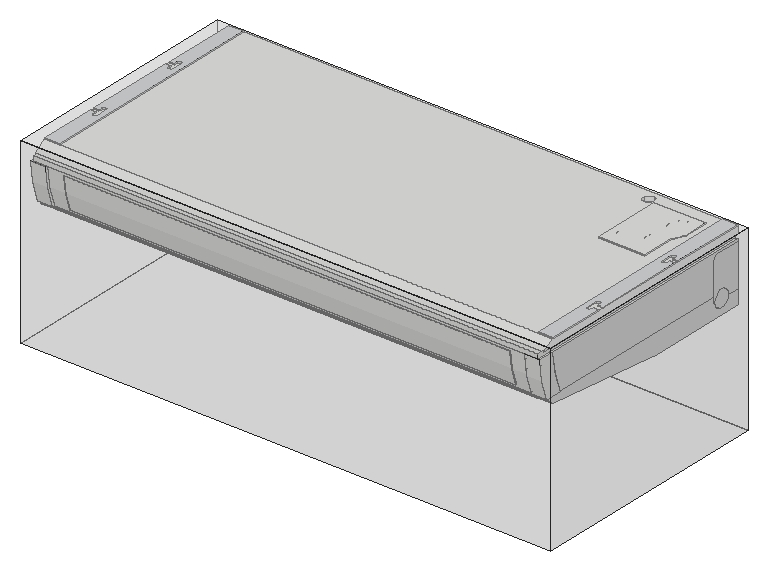
Revit family "outputfile", category 機械設備, Revit 2024
Family settings
  丸型コネクタ寸法 = 半径を使用
  パーツ タイプ = 標準
  OmniClass 番号 = 23.75.10.24.21.27.27
  OmniClass タイトル = Split System Air Conditioning Units
  作業面ベース = いいえ
  常に垂直 = はい
  ロード時にボイドで切り取り = いいえ
  注釈の向きを維持 = いいえ
  共有 = いいえ
  部屋計算ポイント = はい
Parameters (values of type "FXHQ80MAVE")
  製造元 = "Daikin"
  書き出し IFC クラス(タイプ) = "IfcUnitaryEquipmentType"
  定義済み IFC タイプ(タイプ) = "AIRCONDITIONINGUNIT"
  モデル = "FXHQ80MAVE"
  r_Liquid Pipe Size = Liquid Pipe Size / 2  # 3.2 mm
  r_Gas Pipe Size = Gas Pipe Size / 2  # 6.35 mm
  r_Drain Pipe Size = Drain Pipe Size / 2  # 13.0 mm
  lw_Air suction grille = if(Width = 960.0 mm, (960.0 mm - 40.7 mm * 2) / 2 - 2.0 mm, if(Width = 1160.0 mm, (1160.0 mm - 40.7 mm * 2) / 2 - 2.0 mm, if(Width = 1400.0 mm, (1400.0 mm - 40.7 mm * 2) / 3, (960.0 mm - 40.7 mm * 2) / 2 - 2.0 mm)))  # 439.533 mm
  l_powersupply [instance] = if(Rear Right Connection_powersupply, 30.0 mm, 145.0 mm)  # 30.0 mm
  h_mountinghole = 2.0 mm  # constant formula
  angle_vertical_powersupply [instance] = if(Rear Right Connection_powersupply, 90.00°, 180.00°)  # 90.00°
  angle_vertical_drainpipe [instance] = if(or(Left Connection_drainpipe, Right Connection_drainpipe), 90.00°, if(Top Connection_drainpipe, 180.00°, -90.00°))  # -90.00°
  angle_horizontal_powersupply [instance] = if(Rear Right Connection_powersupply, 180.00°, 0.00°)  # 180.00°
  angle_horizontal_drainpipe [instance] = if(Right Connection_drainpipe, 90.00°, if(Left Connection_drainpipe, -90.00°, 0.00°))  # 0.00°
  Voltage_comment_60Hz = "220"
  Voltage_comment_50Hz = "220-240"
  Voltage_60Hz = 220 V
  Voltage_50Hz = 220 V
  Top Connection_refrigerant [instance] = no
  Top Connection_powersupply [instance] = not(Rear Right Connection_powersupply)  # no
  Sound Power Level_H speed (dB) = 0
  Right Connection_refrigerant [instance] = no
  Rear Right Connection_refrigerant [instance] = yes
  Phase_60Hz = 1
  Phase_50Hz = 1
  Minimum Circuit Amps_60Hz = 1.3 A
  Minimum Circuit Amps_50Hz = 0.9 A
  Maximum Fuse Amps_60Hz = 16.0 A
  Maximum Fuse Amps_50Hz = 16.0 A
  Material_Casing = DAIKIN_White_Casing_indoorunit
  lw_powersupply [instance] = 220.0 mm  # constant formula
  lw_mountinghole = 20.0 mm  # constant formula
  lw_liquidpipe [instance] = if(not(Top Connection_refrigerant), 120.0 mm, 170.0 mm)  # 120.0 mm
  lw_gaspipe = 105.0 mm  # constant formula
  lw_drainpipe [instance] = if(Top Connection_drainpipe, 90.0 mm, if(or(Rear Left Connection_drainpipe, Left Connection_drainpipe), Width - 80.0 mm, 100.0 mm))  # 100.0 mm
  lh_powersupply = 145.0 mm  # constant formula
  lh_liquidpipe [instance] = if(Rear Right Connection_refrigerant, 110.0 mm, 90.0 mm)  # 110.0 mm
  lh_gaspipe [instance] = if(Rear Right Connection_refrigerant, 100.0 mm, 90.0 mm)  # 100.0 mm
  lh_drainpipe = 155.0 mm  # constant formula
  l_antena = 1.0 mm  # constant formula
  ld_powersupply = 30.0 mm  # constant formula
  ld_mountinghole_pitch = 260.0 mm  # constant formula
  ld_mountinghole = 210.0 mm  # constant formula
  ld_liquidpipe [instance] = if(Right Connection_refrigerant, 55.0 mm, if(Top Connection_refrigerant, 185.0 mm, 225.0 mm))  # 225.0 mm
  ld_gaspipe [instance] = if(Right Connection_refrigerant, 65.0 mm, if(Top Connection_refrigerant, 160.0 mm, 225.0 mm))  # 225.0 mm
  ld_drainpipe [instance] = if(or(Left Connection_drainpipe, Right Connection_drainpipe), 55.0 mm, if(Top Connection_drainpipe, 85.0 mm, 275.0 mm))  # 275.0 mm
  l_liquidpipe_length [instance] = if(Right Connection_refrigerant, 120.0 mm, if(Top Connection_refrigerant, 90.0 mm, 225.0 mm))  # 225.0 mm
  l_gaspipe_length [instance] = if(Right Connection_refrigerant, 105.0 mm, if(Top Connection_refrigerant, 90.0 mm, 225.0 mm))  # 225.0 mm
  l_drainpipe_length [instance] = if(Right Connection_drainpipe, 100.0 mm, if(Top Connection_drainpipe, 155.0 mm, if(Left Connection_drainpipe, 80.0 mm, 275.0 mm)))  # 275.0 mm
  h*** = 0.0 mm  # constant formula
  angle_vertical [instance] = if(Right Connection_refrigerant, 90.00°, if(Top Connection_refrigerant, 180.00°, -90.00°))  # -90.00°
  angle_horizontal [instance] = if(Right Connection_refrigerant, 90.00°, 0.00°)  # 0.00°
  Width = 1400.0 mm
  Version = "ver.1.0"
  Unit Type = "Ceiling Suspended"
  Unit Mass Weight = 33.00 kg
  Unit Designation [instance] = ""
  Uniclass2015Version = "Products v1.30"
  Uniclass2015Title = "Variable refrigerant flow units"
  Uniclass2015Code = "Pr_70_65_03_94"
  Total Heating Capacity [instance] = 0.000 kW
  Total Cooling Capacity [instance] = 0.000 kW
  Top Connection_drainpipe [instance] = no
  Sound Pressure Level_L speed (dBA) = 35
  Sound Pressure Level_H speed (dBA) = 43
  Series = "VRV Fan Coil Unit"
  Sensible Cooling Capacity [instance] = 0.000 kW
  Rear Right Connection_drainpipe [instance] = yes
  Rear Right Connection_powersupply [instance] = yes
  Right Connection_drainpipe [instance] = no
  Refrigerant Type = "R410A"
  Power Input (Heating) = 0.126 kW
  Power Input (Cooling) = 0.126 kW
  Option Accessory 3 [instance] = ""
  Option Accessory 2 [instance] = ""
  Option Accessory 1 [instance] = ""
  Nominal Heating Capacity = 10.000 kW
  Nominal Cooling Capacity = 9.000 kW
  Minimum Airflow = 1020.00 m³/h
  Maximum Airflow = 1410.00 m³/h
  Load Classification = HVAC
  Liquid Pipe Size = 6.4 mm
  Link_Nested Family [instance] = ""
  Rear Left Connection_drainpipe [instance] = no
  Left Connection_drainpipe [instance] = no
  IfcVersion = ""
  IfcExportType = "AIRCONDITIONINGUNIT"
  IfcExportAs = "IfcUnitaryEquipmentType"
  Height = 195.0 mm
  Heating Entering Wet Bulb Temperature [instance] = 0.00 °C
  Heating Entering Dry Bulb Temperature [instance] = 0.00 °C
  Heating Ambient Wet Bulb Temperature [instance] = 0.00 °C
  Heating Ambient Dry Bulb Temperature [instance] = 0.00 °C
  Heat Exchanger Type = "Cross Fin Coil"
  Gas Pipe Size = 12.7 mm
  Frequency_60Hz = 60 Hz
  Frequency_50Hz = 50 Hz
  Fan Type = "Sirocco Fan"
  Fan Drive = "Direct Drive"
  FCU Tag No. [instance] = ""
  Drain Pipe Size = 26.0 mm
  Design Supply Airflow [instance] = 0.00 m³/h
  Design Outdoor Airflow [instance] = 0.00 m³/h
  Depth = 680.0 mm
  既定の高さ = 0.0 mm
  Cooling Entering Wet Bulb Temperature [instance] = 0.00 °C
  Cooling Entering Dry Bulb Temperature [instance] = 0.00 °C
  Cooling Ambient Wet Bulb Temperature [instance] = 0.00 °C
  Cooling Ambient Dry Bulb Temperature [instance] = 0.00 °C
  Clearance visibility [instance] = yes
  Clearance Top = 5.0 mm
  Clearance Right = 30.0 mm
  Clearance Rear = 0.0 mm
  Clearance Left = 30.0 mm
  Clearance Front = 0.0 mm
  Clearance Bottom = 300.0 mm
Reference planes
  plane 1 "Back": y = 0
  plane 2: z = 0
  plane 3 "Center (Left/Right)": x = 0
  plane 4 "Center (Front/Back)": y = -340
  plane 5 "Front": y = -680
  plane 6 "Left": x = -700
  plane 7 "Right": x = 700
  plane 8 "Top": z = 0
  plane 9 "Bottom": z = -195
  plane 10: y = -680
  plane 11: x = -730
  plane 12: x = 730
  plane 13: z = 5
  plane 14: z = -495
  plane 15: y = 0
  plane 16 "lw_mountinghole": x = -680
  plane 17 "lw_mountinghole2": x = 680
  plane 18 "ld_mountinghole": y = -210
  plane 19 "ld_mountinghole2": y = -470
  plane 20 "lw_gaspipe": x = 595
  plane 21 "ld_gaspipe": y = -225
  plane 22 "lw_liquidpipe": x = 580
  plane 23 "ld_liquidpipe": y = -225
  plane 24 "ld_drainpipe": y = -275
  plane 25 "lw_drainpipe": x = 600
  plane 26 "lw_powersupply": x = 480
  plane 27 "ld_powersupply": y = -30
  plane 28: x = -219.767
  plane 29: x = 219.767
  plane 30 "40.7": x = 659.3
  plane 31: x = -659.3
  plane 32 "lh_gaspipe": z = -100
  plane 33 "lh_liquidpipe": z = -110
  plane 34 "lh_drainpipe": z = -155
  plane 35 "lh_powersupply": z = -145
Forms (mm)
  Extrusion 1, solid, material "DAIKIN_White_Casing_indoorunit" <- "Material_Casing"
    sketch origin (0, 0, 0) x (0, 1, 0) y (0, 0, 1)
      loop
        line (0, 0) -> (-633.9, 0) -> (-664.9, -20) -> (0, -20) -> (0, 0)
    from -700 to 700
  Extrusion 2, solid, material "DAIKIN_White_Casing_indoorunit" <- "Material_Casing"
    sketch origin (0, 0, 0) x (0, 1, 0) y (0, 0, 1)
      loop
        line (0, -20) -> (-678.4, -20) -> (-678.4, -33) -> (0, -33) -> (0, -20)
    from -694 to 694
  Extrusion 3, solid, material "DAIKIN_White_Casing_indoorunit" <- "Material_Casing"
    sketch origin (0, 0, 0) x (0, 1, 0) y (0, 0, 1)
      loop
        line (0, -33) -> (-638.389, -33)
        arc (-638.389, -33) -> (-629.305, -88.783) -> (-610.271, -142) r 310.829
        line (-610.271, -142) -> (0, -142) -> (0, -33)
    from -700 to 700
  Extrusion 4, solid, material "DAIKIN_White_Casing_indoorunit" <- "Material_Casing"
    sketch origin (-700, 0, 0) x (0, 1, 0) y (0, 0, 1)
      loop
        line (0, -142) -> (-651.893, -142) -> (-647.876, -149.065)
        arc (-647.876, -149.065) -> (-641.446, -155.91) -> (-632.601, -159.063) r 19.989
        line (-632.601, -159.063) -> (-300.211, -194.208)
        arc (-300.211, -194.208) -> (-292.706, -194.802) -> (-285.179, -195) r 142.962
        line (-285.179, -195) -> (0, -195) -> (0, -142)
    from 0 to 40.7
  Extrusion 5, solid, material "DAIKIN_White_Casing_indoorunit" <- "Material_Casing"
    sketch origin (700, 0, 0) x (0, 1, 0) y (0, 0, 1)
      loop
        line (-638.389, -33) -> (-680.077, -33)
        arc (-680.077, -33) -> (-672.921, -88.644) -> (-655.583, -142) r 301.599
        line (-655.583, -142) -> (-610.271, -142)
        arc (-610.271, -142) -> (-629.305, -88.783) -> (-638.389, -33) r 310.829
    from 0 to -40.7
  Extrusion 6, solid, material "DAIKIN_White_Casing_indoorunit" <- "Material_Casing"
    sketch origin (-700, 0, 0) x (0, 1, 0) y (0, 0, 1)
      loop
        line (-655.583, -142) -> (-610.271, -142)
        arc (-610.271, -142) -> (-629.305, -88.783) -> (-638.389, -33) r 310.829
        line (-638.389, -33) -> (-680.077, -33)
        arc (-680.077, -33) -> (-672.921, -88.644) -> (-655.583, -142) r 301.599
    from 0 to 40.7
  Extrusion 7, solid, material "DAIKIN_White_Grille_indoorunit"
    sketch origin (0, 0, 0) x (0, 1, 0) y (0, 0, 1)
      loop
        line (0, -190) -> (-273.138, -190) -> (-273.138, -195) -> (0, -195) -> (0, -190)
    from -219.767 to 219.767
  Extrusion 8, solid, material "DAIKIN_White_Grille_indoorunit"
    sketch origin (0, 0, 0) x (0, 1, 0) y (0, 0, 1)
      loop
        line (0, -190) -> (-273.138, -190) -> (-273.138, -195) -> (0, -195) -> (0, -190)
    from -659.3 to -219.767
  Extrusion 9, solid, material "DAIKIN_White_Grille_indoorunit"
    sketch origin (0, 0, 0) x (0, 1, 0) y (0, 0, 1)
      loop
        line (0, -190) -> (-273.138, -190) -> (-273.138, -195) -> (0, -195) -> (0, -190)
    from 219.767 to 659.3
  Extrusion 10, solid
    sketch origin (0, 0, 0) x (-1, 0, 0) y (0, -1, 0)
      loop
        line (674, 196) -> (674, 224)
        arc (674, 224) -> (680, 230) -> (686, 224) r 6
        line (686, 224) -> (686, 216) -> (700, 216) -> (700, 464) -> (686, 464) -> (686, 456)
        arc (686, 456) -> (680, 450) -> (674, 456) r 6
        line (674, 456) -> (674, 484.69)
        arc (674, 484.69) -> (680, 490.04) -> (686, 484.69) r 6.04
        line (686, 484.69) -> (686, 476) -> (700, 476) -> (700, 633.9) -> (659.3, 633.9) -> (659.3, 0) -> (700, 0) -> (700, 204) -> (686, 204) -> (686, 196)
        arc (686, 196) -> (680, 190) -> (674, 196) r 6
      loop
        arc (-674, 196) -> (-680, 190) -> (-686, 196) r 6
        line (-686, 196) -> (-686, 204) -> (-700, 204) -> (-700, 0) -> (-659.3, 0) -> (-659.3, 633.9) -> (-700, 633.9) -> (-700, 476) -> (-686, 476) -> (-686, 484.69)
        arc (-686, 484.69) -> (-680, 490.04) -> (-674, 484.69) r 6.04
        line (-674, 484.69) -> (-674, 456)
        arc (-674, 456) -> (-680, 450) -> (-686, 456) r 6
        line (-686, 456) -> (-686, 464) -> (-700, 464) -> (-700, 216) -> (-686, 216) -> (-686, 224)
        arc (-686, 224) -> (-680, 230) -> (-674, 224) r 6
        line (-674, 224) -> (-674, 196)
    from 0 to 2
  Extrusion 11, solid, material "DAIKIN_White_Casing_indoorunit" <- "Material_Casing"
    sketch origin (0, 0, 0) x (0, 1, 0) y (0, 0, 1)
      loop
        line (-651.659, -142) -> (-610.271, -142)
        arc (-610.271, -142) -> (-629.305, -88.783) -> (-638.389, -33) r 310.829
        line (-638.389, -33) -> (-676.476, -33)
        arc (-676.476, -33) -> (-669.224, -88.674) -> (-651.659, -142) r 298
    from -659.3 to 659.3
  Extrusion 12, void
    sketch origin (0, 0, 0) x (0, 1, 0) y (0, 0, 1)
      loop
        arc (-676.086, -41) -> (-669.058, -89.401) -> (-654.207, -136) r 298
        line (-654.207, -136) -> (-645.465, -136)
        arc (-645.465, -136) -> (-660.075, -89.305) -> (-667.848, -41) r 340.829
        line (-667.848, -41) -> (-676.086, -41)
    from -614.3 to 614.3
  Extrusion 13, solid, material "DAIKIN_White_Casing_indoorunit" <- "Material_Casing"
    sketch origin (0, 0, 0) x (0, 1, 0) y (0, 0, 1)
      loop
        line (-667.848, -41) -> (-676.086, -41)
        arc (-676.086, -41) -> (-669.058, -89.401) -> (-654.207, -136) r 298
        line (-654.207, -136) -> (-645.465, -136)
        arc (-645.465, -136) -> (-660.075, -89.305) -> (-667.848, -41) r 340.829
    from -614.3 to 614.3
  Extrusion 14, solid, material "DAIKIN_White_Casing_indoorunit" <- "Material_Casing"
    sketch origin (0, 0, 0) x (1, 0, 0) y (0, 0, 1)
      loop
        line (495, -60) -> (495, -125) -> (575, -175) -> (640, -175) -> (640, -60) -> (495, -60)
    from 0 to 1
  Extrusion 15, void
    sketch origin (0, 0, 0) x (1, 0, 0) y (0, 0, 1)
      loop
        circle (595, -130) r 40
    from 0 to 10
  Extrusion 16, void
    sketch origin (0, 0, 0) x (1, 0, 0) y (0, 0, 1)
      loop
        arc (-630, -135) -> (-650, -155) -> (-630, -175) r 20
        line (-630, -175) -> (-610, -175)
        arc (-610, -175) -> (-590, -155) -> (-610, -135) r 20
        line (-610, -135) -> (-630, -135)
    from 0 to 10
  Extrusion 17, solid, material "DAIKIN_White_Casing_indoorunit" <- "Material_Casing"
    sketch origin (0, 0, 0) x (-1, 0, 0) y (0, -1, 0)
      loop
        line (-500, 36) -> (-500, 228) -> (-627, 228) -> (-627, 138) -> (-642, 106) -> (-642, 36) -> (-500, 36)
    from 0 to 1.9
  Extrusion 18, solid, material "DAIKIN_White_Casing_indoorunit" <- "Material_Casing"
    sketch origin (700, 0, 0) x (0, 1, 0) y (0, 0, 1)
      loop
        arc (-75, -40) -> (-78.536, -41.464) -> (-80, -45) r 5
        line (-80, -45) -> (-80, -155) -> (0, -155) -> (0, -40) -> (-75, -40)
    from 0 to -2
  Extrusion 19, solid, material "DAIKIN_White_Casing_indoorunit" <- "Material_Casing"
    sketch origin (700, 0, 0) x (0, 1, 0) y (0, 0, 1)
      loop
        circle (-55, -155) r 22.5
    from 0 to -2
  Extrusion 20, void
    sketch origin (0, 0, 0) x (1, 0, 0) y (0, 0, 1)
      loop
        line (640, -60) -> (495, -60) -> (495, -125) -> (575, -175) -> (640, -175) -> (640, -60)
    from 0 to 1
  Extrusion 21, solid, material "DAIKIN_White_Casing_indoorunit" <- "Material_Casing"
    sketch origin (-700, 0, 0) x (0, 1, 0) y (0, 0, 1)
      loop
        circle (-55, -155) r 22.5
    from 0 to 2
  Extrusion 22, void
    sketch origin (0, 0, 0) x (-1, 0, 0) y (0, -1, 0)
      loop
        circle (-610, 85) r 30
      loop
        circle (-595, 160) r 18
      loop
        circle (-530, 185) r 13
    from 0 to -10
  Extrusion 23, solid, material "DAIKIN_White_Casing_indoorunit" <- "Material_Casing"
    sketch origin (0, 0, 0) x (0, 1, 0) y (0, 0, 1)
      loop
        line (-632.601, -159.063) -> (-300.211, -194.208)
        arc (-300.211, -194.208) -> (-292.706, -194.802) -> (-285.179, -195) r 142.962
        line (-285.179, -195) -> (-273.138, -195) -> (-273.138, -190) -> (0, -190) -> (0, -142) -> (-651.893, -142) -> (-647.876, -149.065)
        arc (-647.876, -149.065) -> (-641.446, -155.91) -> (-632.601, -159.063) r 19.989
    from -659.3 to 659.3
  Extrusion 24, solid, material "DAIKIN_White_Casing_indoorunit" <- "Material_Casing"
    sketch origin (700, 0, 0) x (0, 1, 0) y (0, 0, 1)
      loop
        line (-632.601, -159.063) -> (-300.211, -194.208)
        arc (-300.211, -194.208) -> (-292.706, -194.802) -> (-285.179, -195) r 142.962
        line (-285.179, -195) -> (0, -195) -> (0, -142) -> (-651.893, -142) -> (-647.876, -149.065)
        arc (-647.876, -149.065) -> (-641.446, -155.91) -> (-632.601, -159.063) r 19.989
    from 0 to -40.7
  Extrusion 25, void
    sketch origin (0, 0, 0) x (-1, 0, 0) y (0, -1, 0)
      loop
        circle (-480, 30) r 14.5
    from 0 to -10
  Extrusion 26, void
    sketch origin (0, 0, 0) x (1, 0, 0) y (0, 0, 1)
      loop
        circle (480, -145) r 14.5
    from 0 to 10
Cuts and joins
  Extrusion 12 cuts Extrusion 11
  Extrusion 15, Extrusion 16, Extrusion 20, Extrusion 26 cuts Extrusion 3
  Extrusion 22, Extrusion 25 cuts Extrusion 1
  Extrusion 15, Extrusion 16, Extrusion 20, Extrusion 26 cuts Extrusion 23
Dimensions and locks
  equal spacing: plane 6 "Left", plane 3 "Center (Left/Right)", plane 7 "Right"
  "Width": plane 6 "Left" to plane 7 "Right"
  "Depth": plane 5 "Front" to plane 1 "Back"
  "Height": plane 8 "Top" to plane 9 "Bottom"
  "Clearance Front": plane 10 to plane 5 "Front"
  "Clearance Left": plane 11 to plane 6 "Left"
  "Clearance Right": plane 7 "Right" to plane 12
  "Clearance Top": plane 13 to plane 8 "Top"
  "Clearance Bottom": plane 9 "Bottom" to plane 14
  "Clearance Rear": plane 1 "Back" to plane 15
  "ld_mountinghole": plane 18 "ld_mountinghole" to plane 1 "Back"
  "ld_mountinghole_pitch": plane 18 "ld_mountinghole" to plane 19 "ld_mountinghole2"
  "lw_mountinghole": plane 6 "Left" to plane 16 "lw_mountinghole"
  "lw_gaspipe": plane 20 "lw_gaspipe" to plane 7 "Right"
  "ld_gaspipe": plane 1 "Back" to plane 21 "ld_gaspipe"
  "lw_liquidpipe": plane 22 "lw_liquidpipe" to plane 7 "Right"
  "ld_liquidpipe": plane 1 "Back" to plane 23 "ld_liquidpipe"
  "lw_drainpipe": plane 25 "lw_drainpipe" to plane 7 "Right"
  "ld_drainpipe": plane 24 "ld_drainpipe" to plane 1 "Back"
  "lw_powersupply": plane 26 "lw_powersupply" to plane 7 "Right"
  "ld_powersupply": plane 1 "Back" to plane 27 "ld_powersupply"
  "lw_mountinghole": plane 17 "lw_mountinghole2" to plane 7 "Right"
  equal spacing: plane 5 "Front", plane 4 "Center (Front/Back)", plane 1 "Back"
  locked: Extrusion 1 sketch curve to Extrusion 1 sketch curve at 20
  locked: Extrusion 1 sketch curve to Extrusion 1 sketch curve at 633.9
  locked: Extrusion 1 sketch curve to Extrusion 1 sketch curve at 664.9
  locked: Extrusion 2 sketch curve to Extrusion 2 sketch curve at 13
  locked: Extrusion 2 sketch curve to Extrusion 2 sketch curve at 678.4
  locked: plane 6 "Left" to Extrusion 2 at 6
  locked: plane 7 "Right" to Extrusion 2 at 6
  locked: Extrusion 3 sketch curve to Extrusion 3 sketch curve at 610.271
  locked: Extrusion 3 sketch curve to Extrusion 3 sketch curve at 638.389
  locked: Extrusion 3 sketch curve to Extrusion 3 sketch curve at 328.329
  locked: plane 8 "Top" to Extrusion 3 sketch curve at 11.143
  locked: plane 30 "40.7" to plane 7 "Right" at 40.7
  locked: plane 6 "Left" to plane 31 at 40.7
  "lw_Air suction grille": plane 31 to plane 28
  "lw_Air suction grille": plane 29 to plane 30 "40.7"
  locked: Extrusion 10 sketch curve to Extrusion 10 sketch curve at 12  (x4)
  equal spacing: Extrusion 10 sketch curve, plane 18 "ld_mountinghole", Extrusion 10 sketch curve  (x2)
  equal spacing: Extrusion 10 sketch curve, plane 19 "ld_mountinghole2", Extrusion 10 sketch curve  (x2)
  Extrusion 10 sketch curve to plane 19 "ld_mountinghole2" to Extrusion 10 sketch curve = 14.0 mm locked, 14.0 mm locked  (x2)
  Extrusion 10 sketch curve to plane 18 "ld_mountinghole" to Extrusion 10 sketch curve = 14.0 mm locked, 14.0 mm locked  (x2)
  locked: Extrusion 10 sketch curve to Extrusion 10 sketch curve at 633.9  (x2)
  locked: plane 31 to Extrusion 12 at 45
  locked: Extrusion 12 to plane 30 "40.7" at 45
  locked: Extrusion 14 sketch curve to Extrusion 14 sketch curve at 115
  locked: Extrusion 14 sketch curve to Extrusion 14 sketch curve at 145
  locked: Extrusion 14 sketch curve to Extrusion 14 sketch curve at 65  (x2)
  locked: plane 8 "Top" to Extrusion 14 sketch curve at 60
  locked: Extrusion 14 sketch curve to plane 7 "Right" at 60
  locked: plane 7 "Right" to Extrusion 15 sketch curve at 105
  locked: plane 8 "Top" to Extrusion 15 sketch curve at 130
  locked: Extrusion 16 sketch curve to plane 6 "Left" at 70
  plane 8 "Top" to Extrusion 16 sketch curve to Extrusion 16 sketch curve = 135.0 mm locked, 40.0 mm locked
  locked: Extrusion 16 sketch curve to Extrusion 16 sketch curve at 20
  Extrusion 17 sketch curve to Extrusion 17 sketch curve to plane 7 "Right" = 142.0 mm locked, 58.0 mm locked
  Extrusion 17 sketch curve to Extrusion 17 sketch curve to plane 1 "Back" = 192.0 mm locked, 36.0 mm locked
  locked: Extrusion 17 sketch curve to Extrusion 17 sketch curve at 127
  locked: Extrusion 17 sketch curve to Extrusion 17 sketch curve at 90
  plane 8 "Top" to Extrusion 18 sketch curve to Extrusion 18 sketch curve = 40.0 mm locked, 115.0 mm locked
  locked: Extrusion 18 sketch curve to Extrusion 18 sketch curve at 80
  locked: Extrusion 19 sketch curve to plane 1 "Back" at 55
  locked: plane 8 "Top" to Extrusion 19 sketch curve at 155
  locked: Extrusion 21 sketch curve to plane 1 "Back" at 55
  locked: plane 8 "Top" to Extrusion 21 sketch curve at 155
  locked: Extrusion 22 sketch curve to plane 7 "Right" at 90
  locked: Extrusion 22 sketch curve to plane 1 "Back" at 85
  locked: Extrusion 22 sketch curve to plane 7 "Right" at 105
  locked: Extrusion 22 sketch curve to plane 1 "Back" at 160
  locked: Extrusion 22 sketch curve to plane 7 "Right" at 170
  locked: Extrusion 22 sketch curve to plane 1 "Back" at 185
  locked: Extrusion 5 sketch curve to Extrusion 5 sketch curve at 109
  "lh_powersupply": plane 8 "Top" to plane 35 "lh_powersupply"
  "lh_liquidpipe": plane 8 "Top" to plane 33 "lh_liquidpipe"
  "lh_gaspipe": plane 8 "Top" to plane 32 "lh_gaspipe"
  "lh_drainpipe": plane 8 "Top" to plane 34 "lh_drainpipe"
  locked: Extrusion 4 sketch curve to plane 1 "Back" at 285.179
  locked: Extrusion 4 sketch curve to Extrusion 4 sketch curve at 53
  locked: Extrusion 9 sketch curve to plane 1 "Back" at 273.138
  locked: Extrusion 8 sketch curve to plane 1 "Back" at 273.138
  locked: Extrusion 7 sketch curve to plane 1 "Back" at 273.138
  locked: Extrusion 25 sketch curve to plane 1 "Back" at 30
  locked: Extrusion 25 sketch curve to plane 7 "Right" at 220
  locked: plane 7 "Right" to Extrusion 26 sketch curve at 220
  locked: plane 8 "Top" to Extrusion 26 sketch curve at 145
  locked: nested 10 to plane 7 "Right" at 120
  aligned and locked: level to plane 2
  aligned and locked: nested 2 to plane 18 "ld_mountinghole"
  aligned and locked: plane 16 "lw_mountinghole" to nested 2
  aligned and locked: nested 1 to plane 19 "ld_mountinghole2"
  aligned and locked: plane 16 "lw_mountinghole" to nested 1
  aligned and locked: nested 4 to plane 18 "ld_mountinghole"
  aligned and locked: plane 17 "lw_mountinghole2" to nested 4
  aligned and locked: plane 17 "lw_mountinghole2" to nested 3
  aligned and locked: nested 3 to plane 19 "ld_mountinghole2"
  aligned and locked: plane 1 "Back" to Extrusion 1 sketch curve
  aligned and locked: plane 8 "Top" to Extrusion 1 sketch curve
  aligned and locked: Extrusion 1 to plane 6 "Left"
  aligned and locked: plane 7 "Right" to Extrusion 1
  aligned and locked: Extrusion 2 sketch curve to Extrusion 1  (x2)
  aligned and locked: plane 1 "Back" to Extrusion 3 sketch curve
  aligned and locked: Extrusion 3 to plane 6 "Left"
  aligned and locked: plane 7 "Right" to Extrusion 3
  aligned and locked: plane 1 "Back" to Extrusion 4 sketch curve
  aligned and locked: Extrusion 4 to plane 6 "Left"
  aligned and locked: Extrusion 5 sketch curve to Extrusion 3
  aligned and locked: Extrusion 5 to Extrusion 6 sketch curve
  aligned and locked: Extrusion 6 sketch curve to Extrusion 5  (x2)
  aligned and locked: Extrusion 7 to plane 28
  aligned and locked: plane 29 to Extrusion 7
  aligned and locked: plane 28 to Extrusion 8
  aligned and locked: Extrusion 8 to plane 31
  aligned and locked: Extrusion 9 sketch curve to Extrusion 7  (x3)
  aligned and locked: Extrusion 9 to plane 29
  aligned and locked: plane 30 "40.7" to Extrusion 9
  aligned and locked: plane 16 "lw_mountinghole" to Extrusion 10 sketch curve  (x4)
  aligned and locked: Extrusion 10 sketch curve to plane 31
  aligned and locked: plane 6 "Left" to Extrusion 10 sketch curve  (x3)
  aligned and locked: plane 1 "Back" to Extrusion 10 sketch curve
  aligned and locked: Extrusion 5 to Extrusion 11 sketch curve
  aligned and locked: Extrusion 11 sketch curve to Extrusion 5
  aligned and locked: plane 30 "40.7" to Extrusion 11
  aligned and locked: Extrusion 11 to plane 31
  aligned and locked: Extrusion 12 sketch curve to Extrusion 11
  aligned and locked: Extrusion 13 sketch curve to cut or joined group of Extrusion 11, Extrusion 12  (x4)
  aligned and locked: Extrusion 13 to cut or joined group of Extrusion 11, Extrusion 12  (x2)
  aligned and locked: plane 15 to nested 5
  aligned and locked: nested 5 to plane 11
  aligned and locked: nested 5 to plane 10
  aligned and locked: nested 5 to plane 12
  aligned and locked: plane 13 to nested 5
  aligned and locked: plane 14 to nested 5
  aligned and locked: plane 1 "Back" to Extrusion 18 sketch curve
  aligned and locked: Extrusion 20 sketch curve to Extrusion 14  (x5)
  aligned and locked: Extrusion 5 sketch curve to Extrusion 2
  aligned and locked: plane 20 "lw_gaspipe" to nested 6
  aligned and locked: nested 6 to plane 21 "ld_gaspipe"
  aligned and locked: plane 22 "lw_liquidpipe" to nested 7
  aligned and locked: nested 7 to plane 23 "ld_liquidpipe"
  aligned and locked: plane 25 "lw_drainpipe" to nested 8
  aligned and locked: nested 8 to plane 24 "ld_drainpipe"
  aligned and locked: Extrusion 4 sketch curve to plane 9 "Bottom"
  aligned and locked: Extrusion 23 sketch curve to Extrusion 4  (x3)
  aligned and locked: Extrusion 4 to Extrusion 23 sketch curve
  aligned and locked: Extrusion 23 sketch curve to Extrusion 9  (x2)
  aligned and locked: Extrusion 23 to plane 31
  aligned and locked: plane 30 "40.7" to Extrusion 23
  aligned and locked: Extrusion 24 sketch curve to Extrusion 4  (x4)
  aligned and locked: Extrusion 24 to plane 30 "40.7"
  aligned and locked: plane 26 "lw_powersupply" to nested 9
  aligned and locked: nested 9 to plane 27 "ld_powersupply"
  aligned and locked: nested 10 to Extrusion 24
  aligned and locked: level to plane 8 "Top"
Automatic sketch dimensions
  Extrusion 3 sketch curve to plane 8 "Top" = 33.0 mm
  Extrusion 7 sketch curve to plane 9 "Bottom" = 0.0 mm
  Extrusion 7 sketch curve to plane 1 "Back" = 0.0 mm
  plane 9 "Bottom" to Extrusion 7 sketch curve = 5.0 mm
  Extrusion 8 sketch curve to plane 9 "Bottom" = 0.0 mm
  Extrusion 8 sketch curve to plane 1 "Back" = 0.0 mm
  plane 9 "Bottom" to Extrusion 8 sketch curve = 5.0 mm
  Extrusion 5 sketch curve to plane 5 "Front" = 24.417 mm
  plane 1 "Back" to Extrusion 10 sketch curve = 0.0 mm
  Extrusion 10 sketch curve to plane 7 "Right" = 0.0 mm  (x3)
  Extrusion 10 sketch curve to plane 17 "lw_mountinghole2" = 0.0 mm  (x4)
  Extrusion 10 sketch curve to plane 30 "40.7" = 0.0 mm
  plane 17 "lw_mountinghole2" to Extrusion 10 sketch curve = 6.0 mm  (x2)
  Extrusion 10 sketch curve to Extrusion 10 sketch curve = 6.0 mm  (x2)
  plane 16 "lw_mountinghole" to Extrusion 10 sketch curve = 6.0 mm  (x2)
  Extrusion 10 sketch curve to Extrusion 10 sketch curve = 0.69 mm  (x2)
  Extrusion 11 sketch curve to plane 5 "Front" = 28.341 mm
  Extrusion 11 sketch curve to plane 5 "Front" = 3.524 mm
  Extrusion 11 sketch curve to plane 8 "Top" = 22.519 mm
  Extrusion 12 sketch curve to plane 5 "Front" = 34.535 mm
  Extrusion 12 sketch curve to Extrusion 12 sketch curve = 8.742 mm
  Extrusion 12 sketch curve to plane 5 "Front" = 12.152 mm
  Extrusion 12 sketch curve to plane 5 "Front" = 3.914 mm
  Extrusion 12 sketch curve to plane 8 "Top" = 11.143 mm
  Extrusion 17 sketch curve to Extrusion 17 sketch curve = 32.0 mm
  Extrusion 18 sketch curve to Extrusion 18 sketch curve = 5.0 mm
  Extrusion 11 sketch curve to plane 8 "Top" = 33.0 mm
  plane 9 "Bottom" to Extrusion 4 sketch curve = 0.792 mm
  Extrusion 4 sketch curve to Extrusion 4 sketch curve = 15.032 mm
  Extrusion 4 sketch curve to plane 34 "lh_drainpipe" = 4.063 mm
  plane 34 "lh_drainpipe" to Extrusion 4 sketch curve = 5.935 mm
  Extrusion 4 sketch curve to Extrusion 4 sketch curve = 4.017 mm
  plane 9 "Bottom" to Extrusion 23 sketch curve = 0.792 mm
  Extrusion 23 sketch curve to Extrusion 23 sketch curve = 2.102 mm
  Extrusion 23 sketch curve to Extrusion 23 sketch curve = 4.017 mm
  plane 34 "lh_drainpipe" to Extrusion 23 sketch curve = 5.935 mm
  plane 9 "Bottom" to Extrusion 24 sketch curve = 0.792 mm
  Extrusion 24 sketch curve to Extrusion 24 sketch curve = 2.102 mm
  Extrusion 24 sketch curve to Extrusion 24 sketch curve = 4.017 mm
  plane 34 "lh_drainpipe" to Extrusion 24 sketch curve = 5.935 mm
  Extrusion 5 sketch curve to plane 8 "Top" = 22.519 mm
  plane 5 "Front" to Extrusion 5 sketch curve = 0.077 mm
  plane 5 "Front" to Extrusion 6 sketch curve = 0.077 mm
  radius of Extrusion 15 sketch curve = 40.0 mm
  radius of Extrusion 19 sketch curve = 22.5 mm
  radius of Extrusion 21 sketch curve = 22.5 mm
  radius of Extrusion 22 sketch curve = 30.0 mm
  radius of Extrusion 22 sketch curve = 18.0 mm
  radius of Extrusion 22 sketch curve = 13.0 mm
  radius of Extrusion 25 sketch curve = 14.5 mm
  radius of Extrusion 26 sketch curve = 14.5 mm
Nested families
  nested 1: "daikin_mountinghole" at (-680, -470, 0), l_antenna <- "l_antena", Link_Nested Family <- "Link_Nested Family", h_mountinghole <- "h_mountinghole", type "daikin_mountinghole"
    with show yes, l_antenna 1.0 mm, h_mountinghole 2.0 mm, Link_Nested Family ""
  nested 2: "daikin_mountinghole" at (-680, -210, 0), l_antenna <- "l_antena", Link_Nested Family <- "Link_Nested Family", h_mountinghole <- "h_mountinghole", type "daikin_mountinghole"
    with show yes, l_antenna 1.0 mm, h_mountinghole 2.0 mm, Link_Nested Family ""
  nested 3: "daikin_mountinghole" at (680, -470, 0), l_antenna <- "l_antena", Link_Nested Family <- "Link_Nested Family", h_mountinghole <- "h_mountinghole", type "daikin_mountinghole"
    with show yes, l_antenna 1.0 mm, h_mountinghole 2.0 mm, Link_Nested Family ""
  nested 4: "daikin_mountinghole" at (680, -210, 0), Link_Nested Family <- "Link_Nested Family", l_antenna <- "l_antena", h_mountinghole <- "h_mountinghole", type "daikin_mountinghole"
    with show yes, l_antenna 1.0 mm, h_mountinghole 2.0 mm, Link_Nested Family ""
  nested 5: "daikin_clearancespace" at (0, -340, -244.881), show <- "Clearance visibility", visible <- "Clearance visibility", Link_Nested Family <- "Link_Nested Family", type "daikin_clearancespace"
    with width 1460.0 mm, show yes, height 500.0 mm, depth 680.0 mm, Link_Nested Family ""
  nested 6: "daikin_connector_rotate3" at (595, -225, -100), radius <- "r_Gas Pipe Size", length <- "l_gaspipe_length", angle_vertical <- "angle_vertical", angle_horizontal <- "angle_horizontal", type "daikin_connector_rotate3"
    with show no, radius 6.35 mm, length 225.0 mm, angle_vertical -90.00°, angle_horizontal 0.00°
  nested 7: "daikin_connector_rotate3" at (580, -225, -110), radius <- "r_Liquid Pipe Size", length <- "l_liquidpipe_length", angle_vertical <- "angle_vertical", angle_horizontal <- "angle_horizontal", type "daikin_connector_rotate3"
    with show no, radius 3.2 mm, length 225.0 mm, angle_vertical -90.00°, angle_horizontal 0.00°
  nested 8: "daikin_connector_rotate3" at (600, -275, -155), radius <- "r_Drain Pipe Size", length <- "l_drainpipe_length", angle_vertical <- "angle_vertical_drainpipe", angle_horizontal <- "angle_horizontal_drainpipe", type "daikin_connector_rotate3"
    with show no, radius 13.0 mm, length 275.0 mm, angle_vertical -90.00°, angle_horizontal 0.00°
  nested 9: "daikin_connector_rotate3" at (480, -30, -145), angle_vertical <- "angle_vertical_powersupply", angle_horizontal <- "angle_horizontal_powersupply", length <- "l_powersupply", type "daikin_connector_rotate3"
    with show no, radius 10.0 mm, length 30.0 mm, angle_vertical 90.00°, angle_horizontal 180.00°
  nested 10: "daikin_logo_plane_w40" at (580, -594.246, -163.119) x (1, 0, 0) z (0, -0.1051, -0.9945), type "daikin_logo_plane_w40"
    with show_logo yes
Connectors
  piping at (600, 0, -155), diameter 26, driven by "r_Drain Pipe Size"
    settings: on nested 8, index 1, connector inside diameter 609.6 mm, connector length 0.0 mm, flow factor 0, pipe flow 0.00 m³/h, pressure drop 0.0 Pa, fitting loss kfactor 0, connector angle 0.00°, fixture units 0, engagement length 0.0 mm, angle of deflection 0.00°, flow configuration 1, flow direction 2, fitting loss method 4, system type 16, joint type 0, gender type 0, connector reference index -1, connector utility 0, adjustable connector no, is connector primary yes, connector description "Condensate Drain Piping"
  piping at (595, 0, -100), diameter 12.7, driven by "r_Gas Pipe Size"
    settings: on nested 6, index 2, connector inside diameter 609.6 mm, connector length 0.0 mm, flow factor 0, pipe flow 0.00 m³/h, pressure drop 0.0 Pa, fitting loss kfactor 0, connector angle 0.00°, fixture units 0, engagement length 0.0 mm, angle of deflection 0.00°, flow configuration 1, flow direction 2, fitting loss method 0, system type 29, joint type 0, gender type 0, connector reference index -1, connector utility 0, adjustable connector no, is connector primary no, connector description "Refrigerant Gas Piping"
  piping at (580, 0, -110), diameter 6.4, driven by "r_Liquid Pipe Size"
    settings: on nested 7, index 3, connector inside diameter 609.6 mm, connector length 0.0 mm, flow factor 0, pipe flow 0.00 m³/h, pressure drop 0.0 Pa, fitting loss kfactor 0, connector angle 0.00°, fixture units 0, engagement length 0.0 mm, angle of deflection 0.00°, flow configuration 1, flow direction 1, fitting loss method 0, system type 29, joint type 0, gender type 0, connector reference index -1, connector utility 0, adjustable connector no, is connector primary no, connector description "Refrigerant Liquid Piping"
  electrical at (480, 0, -145), driven by "Load Classification"
    settings: on nested 9, index 4, voltage 0 V, apparent load 0 VA, apparent load phase1 0 VA, apparent load phase2 0 VA, apparent load phase3 0 VA, power factor 1, load classification "HVAC", number of poles 1, system type 30, power factor state 1, is connector primary yes, connector utility no, sub classification motor no, connector description "Power Supply"
Definition of nested family "daikin_clearancespace"
  Parameters (values of type "daikin_clearancespace")
    Description = "daikin_clearancespace"
    width [instance] = 1823.963 mm
    show [instance] = yes
    material = none
    height [instance] = 1359.762 mm
    depth [instance] = 880.0 mm
    Default Elevation = 0.0 mm
    Link_Nested Family [instance] = ""
  Reference planes
    plane 1 "Center (Front/Back)": y = 0
    plane 2 "Center (Elevation)": z = -0.119
    plane 3 "Center (Left/Right)": x = 0
    plane 4: y = 440
    plane 5: y = -440
    plane 6 "Right": x = 911.982
    plane 7 "Left": x = -911.982
    plane 8 "Top": z = 679.762
    plane 9 "Bottom": z = -680
  Forms (mm)
    Extrusion 1, solid, material <- "material", visible <- "show"
      sketch origin (0, 0, 0) x (1, 0, 0) y (0, 1, 0)
        loop
          line (-911.982, 440) -> (-911.982, -440) -> (911.982, -440) -> (911.982, 440) -> (-911.982, 440)
      from -680 to 679.762
  Lines and regions (mm)
    symbolic lines, visible <- "show"
      curve 1: line (911.982, 440, 0) -> (-911.982, 440, 0)
      curve 2: line (-911.982, 440, 0) -> (-911.982, -440, 0)
      curve 3: line (-911.982, -440, 0) -> (911.982, -440, 0)
      curve 4: line (911.982, -440, 0) -> (911.982, 440, 0)
      curve 5: line (911.982, 0, 679.762) -> (-911.982, 0, 679.762)
      curve 6: line (911.982, 0, -680) -> (911.982, 0, 679.762)
      curve 7: line (-911.982, 0, -680) -> (911.982, 0, -680)
      curve 8: line (-911.982, 0, 679.762) -> (-911.982, 0, -680)
      curve 9: line (0, 440, 679.762) -> (0, -440, 679.762)
      curve 10: line (0, -440, 679.762) -> (0, -440, -680)
      curve 11: line (0, 440, -680) -> (0, 440, 679.762)
      curve 12: line (0, -440, -680) -> (0, 440, -680)
  Dimensions and locks
    "width": plane 7 "Left" to plane 6 "Right"
    "depth": plane 4 to plane 5
    "height": plane 8 "Top" to plane 9 "Bottom"
    equal spacing: plane 7 "Left", plane 3 "Center (Left/Right)", plane 6 "Right"
    equal spacing: plane 4, plane 1 "Center (Front/Back)", plane 5
    equal spacing: plane 8 "Top", plane 2 "Center (Elevation)", plane 9 "Bottom"
    aligned and locked: level to plane 2 "Center (Elevation)"
    aligned and locked: Extrusion 1 sketch curve to plane 4
    aligned and locked: plane 7 "Left" to Extrusion 1 sketch curve
    aligned and locked: Extrusion 1 sketch curve to plane 5
    aligned and locked: Extrusion 1 sketch curve to plane 6 "Right"
    aligned and locked: plane 8 "Top" to Extrusion 1
    aligned and locked: curve 1 to Extrusion 1
    aligned and locked: curve 2 to Extrusion 1
    aligned and locked: curve 3 to Extrusion 1
    aligned and locked: curve 4 to Extrusion 1
    aligned and locked: curve 5 to Extrusion 1
    aligned and locked: curve 6 to Extrusion 1
    aligned and locked: curve 7 to Extrusion 1
    aligned and locked: curve 8 to Extrusion 1
    aligned and locked: curve 9 to Extrusion 1
    aligned and locked: curve 10 to Extrusion 1
    aligned and locked: curve 11 to Extrusion 1
    aligned and locked: curve 12 to Extrusion 1
    aligned and locked: Extrusion 1 to plane 9 "Bottom"
Definition of nested family "daikin_logo_plane_w40"
  Parameters (values of type "daikin_logo_plane_w40")
    width = 40.0 mm
    show_logo [instance] = yes
    material = none
    height = 0.0 mm
    depth = 0.0 mm
    Default Elevation = 1219.2 mm
  Reference planes
    plane 1 "Center (Front/Back)": y = 0
    plane 2: z = 0
    plane 3 "Center (Left/Right)": x = 0
    plane 4: z = 2
    plane 5 "left": x = -19
    plane 6: x = 19
  Forms (mm)
    Extrusion 1, solid, visible <- "show_logo"
      sketch origin (-19, 0, 0) x (1, 0, 0) y (0, 1, 0)
        loop
          line (8.902, -1.878) -> (7.789, -6.332) -> (11.13, -6.332)
          arc (11.13, -6.332) -> (12.454, -6.064) -> (13.472, -5.176) r 2.642
          arc (13.472, -5.176) -> (13.92, -4.02) -> (13.767, -2.79) r 2.537
          arc (13.767, -2.79) -> (13.452, -2.342) -> (12.982, -2.06) r 1.321
          arc (12.982, -2.06) -> (12.063, -1.902) -> (11.13, -1.878) r 6.479
          line (11.13, -1.878) -> (8.902, -1.878)
        loop
          line (10.016, -5.441) -> (10.907, -5.441)
          arc (10.907, -5.441) -> (11.591, -4.983) -> (11.988, -4.261) r 1.742
          spline (11.988, -4.261) -> (12.01, -4.155) -> (12.027, -4.03) -> (12.037, -3.893) -> (12.037, -3.747) -> (12.026, -3.598) -> (12.002, -3.451) -> (11.962, -3.31) -> (11.905, -3.181) -> (11.829, -3.069) -> (11.731, -2.978) -> (11.61, -2.913) -> (11.464, -2.88)
          line (11.464, -2.88) -> (10.573, -2.88) -> (10.016, -5.441)
        loop
          line (13.58, -6.332) -> (14.805, -6.332) -> (15.223, -5.553) -> (16.977, -5.553) -> (17.144, -6.332) -> (19.149, -6.332) -> (18.258, -1.878) -> (16.03, -1.878) -> (13.58, -6.332)
        loop
          line (16.476, -3.214) -> (15.76, -4.551) -> (16.762, -4.551) -> (16.476, -3.214)
        loop
          line (19.705, -6.332) -> (21.599, -6.332) -> (22.712, -1.878) -> (20.819, -1.878) -> (19.705, -6.332)
        loop
          line (22.712, -6.332) -> (24.606, -6.332) -> (24.908, -5.122) -> (25.831, -6.332) -> (28.17, -6.332) -> (26.388, -3.994) -> (28.949, -1.878) -> (26.945, -1.878) -> (25.401, -3.153) -> (25.719, -1.878) -> (23.826, -1.878) -> (22.712, -6.332)
        loop
          line (29.84, -1.878) -> (28.615, -6.332) -> (30.62, -6.332) -> (31.734, -1.878) -> (29.84, -1.878)
        loop
          line (31.734, -6.332) -> (33.07, -6.332) -> (33.7, -3.814) -> (34.518, -6.332) -> (36.745, -6.332) -> (37.859, -1.878) -> (36.523, -1.878) -> (35.845, -4.589) -> (34.963, -1.878) -> (32.847, -1.878) -> (31.734, -6.332)
      from 0 to 2
    Extrusion 2, solid, visible <- "show_logo"
      sketch origin (-19, 0, 0) x (1, 0, 0) y (0, 1, 0)
        loop
          line (8.7, 0) -> (4.235, 0) -> (0, -3.879) -> (0, -8) -> (8.7, 0)
      from 0 to 2
    Extrusion 3, solid, visible <- "show_logo"
      sketch origin (-19, 0, 0) x (1, 0, 0) y (0, 1, 0)
        loop
          line (0, 0) -> (0, -3.879) -> (4.235, 0) -> (0, 0)
      from 0 to 2
  Dimensions and locks
    plane 4 to plane 2 = 2.0 mm
    equal spacing: plane 5 "left", plane 3 "Center (Left/Right)", plane 6
    locked: plane 5 "left" to plane 6 at 38
    aligned and locked: level to plane 2
    aligned and locked: Extrusion 3 to plane 1 "Center (Front/Back)"  (x2)
    aligned and locked: Extrusion 2 to plane 1 "Center (Front/Back)"  (x2)
    aligned and locked: plane 4 to Extrusion 1
    aligned and locked: plane 4 to Extrusion 3
    aligned and locked: plane 4 to Extrusion 2
    aligned and locked: Extrusion 3 to plane 5 "left"
    aligned and locked: Extrusion 2 to plane 5 "left"
  Automatic sketch dimensions
    Extrusion 1 sketch curve to Extrusion 1 sketch curve = 0.901 mm
    Extrusion 1 sketch curve to Extrusion 1 sketch curve = 1.559 mm
    Extrusion 1 sketch curve to Extrusion 1 sketch curve = 1.327 mm
    Extrusion 1 sketch curve to Extrusion 1 sketch curve = 2.145 mm
    Extrusion 1 sketch curve to Extrusion 1 sketch curve = 1.448 mm
    Extrusion 1 sketch curve to Extrusion 1 sketch curve = 2.116 mm
    Extrusion 1 sketch curve to Extrusion 1 sketch curve = 1.114 mm  (x4)
    Extrusion 1 sketch curve to Extrusion 1 sketch curve = 1.336 mm  (x2)
    plane 1 "Center (Front/Back)" to Extrusion 1 sketch curve = 1.878 mm  (x5)
    Extrusion 1 sketch curve to Extrusion 1 sketch curve = 1.893 mm  (x5)
    Extrusion 1 sketch curve to Extrusion 1 sketch curve = 0.891 mm  (x4)
    Extrusion 1 sketch curve to Extrusion 1 sketch curve = 2.005 mm  (x3)
    Extrusion 1 sketch curve to Extrusion 1 sketch curve = 0.445 mm  (x2)
    plane 1 "Center (Front/Back)" to Extrusion 1 sketch curve = 3.994 mm
    Extrusion 1 sketch curve to Extrusion 1 sketch curve = 0.557 mm  (x2)
    Extrusion 1 sketch curve to Extrusion 1 sketch curve = 2.339 mm  (x2)
    Extrusion 1 sketch curve to Extrusion 1 sketch curve = 1.225 mm  (x3)
    plane 1 "Center (Front/Back)" to Extrusion 1 sketch curve = 3.153 mm
    Extrusion 1 sketch curve to Extrusion 1 sketch curve = 0.987 mm
    plane 1 "Center (Front/Back)" to Extrusion 1 sketch curve = 5.122 mm
    Extrusion 1 sketch curve to Extrusion 1 sketch curve = 0.922 mm
    plane 1 "Center (Front/Back)" to Extrusion 1 sketch curve = 6.332 mm
    Extrusion 1 sketch curve to Extrusion 1 sketch curve = 2.562 mm
    plane 1 "Center (Front/Back)" to Extrusion 1 sketch curve = 5.553 mm
    Extrusion 1 sketch curve to Extrusion 1 sketch curve = 0.167 mm
    Extrusion 1 sketch curve to Extrusion 1 sketch curve = 0.215 mm
    plane 1 "Center (Front/Back)" to Extrusion 1 sketch curve = 3.214 mm
    Extrusion 1 sketch curve to Extrusion 1 sketch curve = 0.286 mm
    plane 1 "Center (Front/Back)" to Extrusion 1 sketch curve = 4.551 mm
    Extrusion 1 sketch curve to Extrusion 1 sketch curve = 1.002 mm
    Extrusion 1 sketch curve to Extrusion 1 sketch curve = 0.537 mm
    Extrusion 1 sketch curve to Extrusion 1 sketch curve = 0.418 mm
    Extrusion 1 sketch curve to Extrusion 1 sketch curve = 1.028 mm
    plane 1 "Center (Front/Back)" to Extrusion 1 sketch curve = 4.261 mm
    Extrusion 1 sketch curve to Extrusion 1 sketch curve = 0.563 mm
    plane 1 "Center (Front/Back)" to Extrusion 1 sketch curve = 2.88 mm
    Extrusion 1 sketch curve to Extrusion 1 sketch curve = 1.088 mm
    Extrusion 1 sketch curve to Extrusion 1 sketch curve = 2.152 mm
    Extrusion 1 sketch curve to Extrusion 1 sketch curve = 0.586 mm
    Extrusion 1 sketch curve to Extrusion 1 sketch curve = 0.118 mm
    Extrusion 1 sketch curve to Extrusion 1 sketch curve = 0.298 mm
    Extrusion 1 sketch curve to Extrusion 1 sketch curve = 0.334 mm
    Extrusion 1 sketch curve to Extrusion 1 sketch curve = 0.223 mm
    Extrusion 1 sketch curve to Extrusion 1 sketch curve = 0.266 mm
    Extrusion 1 sketch curve to Extrusion 1 sketch curve = 1.671 mm
    Extrusion 1 sketch curve to Extrusion 1 sketch curve = 2.227 mm
    Extrusion 1 sketch curve to Extrusion 1 sketch curve = 0.0 mm  (x7)
    Extrusion 1 sketch curve to Extrusion 1 sketch curve = 3.453 mm
    Extrusion 1 sketch curve to Extrusion 1 sketch curve = 2.017 mm
    Extrusion 1 sketch curve to Extrusion 1 sketch curve = 0.78 mm  (x2)
    Extrusion 1 sketch curve to Extrusion 1 sketch curve = 1.743 mm
    Extrusion 1 sketch curve to Extrusion 1 sketch curve = 0.775 mm
    Extrusion 1 sketch curve to Extrusion 1 sketch curve = 0.552 mm
    Extrusion 1 sketch curve to Extrusion 1 sketch curve = 0.014 mm
    Extrusion 1 sketch curve to Extrusion 1 sketch curve = 0.952 mm
    Extrusion 1 sketch curve to Extrusion 1 sketch curve = 1.215 mm
    Extrusion 1 sketch curve to Extrusion 1 sketch curve = 0.108 mm
    plane 1 "Center (Front/Back)" to Extrusion 2 sketch curve = 0.0 mm
    Extrusion 2 sketch curve to plane 3 "Center (Left/Right)" = 19.0 mm
    Extrusion 2 sketch curve to plane 3 "Center (Left/Right)" = 14.765 mm
    Extrusion 2 sketch curve to Extrusion 2 sketch curve = 4.465 mm
    plane 1 "Center (Front/Back)" to Extrusion 2 sketch curve = 3.879 mm
    Extrusion 2 sketch curve to Extrusion 2 sketch curve = 4.12 mm
    plane 1 "Center (Front/Back)" to Extrusion 3 sketch curve = 0.0 mm
    Extrusion 3 sketch curve to plane 3 "Center (Left/Right)" = 19.0 mm
    Extrusion 3 sketch curve to plane 3 "Center (Left/Right)" = 14.765 mm
    plane 1 "Center (Front/Back)" to Extrusion 3 sketch curve = 3.879 mm
    Extrusion 1 sketch curve to plane 3 "Center (Left/Right)" = 11.211 mm
    Extrusion 1 sketch curve to Extrusion 1 sketch curve = 1.782 mm
Definition of nested family "daikin_mountinghole"
  Parameters (values of type "daikin_mountinghole")
    Default Elevation = 1219.2 mm
    Type Comments = "mountinghole"
    show [instance] = yes
    material = none
    l_centerline = 100.0 mm
    l_antenna [instance] = 100.0 mm
    h_mountinghole [instance] = 0.0 mm
    d_circle = 30.0 mm
    Link_Nested Family [instance] = ""
  Reference planes
    plane 1 "Center (Front/Back)": y = 0
    plane 2: z = 0
    plane 3 "Center (Left/Right)": x = 0
    plane 4: y = 50
    plane 5: x = -50
    plane 6: x = 50
    plane 7: y = -50
    plane 8 "h_mountinghole": z = 0
    plane 9: z = 100
  Lines and regions (mm)
    model lines, detail levels fine
      curve 1: circle (0, 0, 0) r 15 normal (0, 0, 1)
      curve 2: line (-50, 0, 0) -> (50, 0, 0)
      curve 3: line (0, 50, 0) -> (0, -50, 0)
    symbolic lines, detail levels fine
      curve 4: circle (0, 0, 0) r 15 normal (0, 0, 1)
      curve 5: line (-50, 0, 0) -> (50, 0, 0)
      curve 6: line (0, 50, 0) -> (0, -50, 0)
    model lines
      curve 7: line (0, 0, 100) -> (0, 0, 0)
  Dimensions and locks
    equal spacing: plane 4, plane 1 "Center (Front/Back)", plane 7
    "l_centerline": plane 4 to plane 7
    equal spacing: plane 5, plane 3 "Center (Left/Right)", plane 6
    "l_centerline": plane 5 to plane 6
    "l_antenna": plane 9 to plane 8 "h_mountinghole"
    "h_mountinghole": plane 8 "h_mountinghole" to plane 2
    "d_circle": diameter of curve 1
    "d_circle": diameter of curve 4
    aligned and locked: level to plane 2
    aligned and locked: plane 1 "Center (Front/Back)" to curve 1
    aligned and locked: plane 3 "Center (Left/Right)" to curve 1
    aligned and locked: plane 1 "Center (Front/Back)" to curve 2
    aligned and locked: curve 3 to plane 3 "Center (Left/Right)"
    aligned and locked: plane 6 to curve 2
    aligned and locked: plane 5 to curve 2
    aligned and locked: plane 4 to curve 3
    aligned and locked: plane 7 to curve 3
    aligned and locked: plane 1 "Center (Front/Back)" to curve 4
    aligned and locked: plane 3 "Center (Left/Right)" to curve 4
    aligned and locked: plane 6 to curve 5
    aligned and locked: plane 5 to curve 5
    aligned and locked: plane 1 "Center (Front/Back)" to curve 5
    aligned and locked: plane 4 to curve 6
    aligned and locked: plane 7 to curve 6
    aligned and locked: curve 6 to plane 3 "Center (Left/Right)"
    aligned and locked: curve 7 to plane 3 "Center (Left/Right)"
    aligned and locked: plane 9 to curve 7
    aligned and locked: plane 8 "h_mountinghole" to curve 7
Definition of nested family "daikin_connector_rotate3"
  Parameters (values of type "daikin_connector_rotate3")
    show [instance] = yes
    radius [instance] = 10.0 mm
    length [instance] = 600.0 mm
    angle_horizontal [instance] = 60.00°
    angle_vertical [instance] = 90.00°
    Default Elevation = 1219.2 mm
  Reference planes
    plane 1 "Center (Front/Back)": y = 0
    plane 2: z = 0
    plane 3 "Center (Left/Right)": x = 0
  Dimensions and locks
    "angle_horizontal": angle plane 3 "Center (Left/Right)" to nested 1
    aligned and locked: level to plane 2
    aligned and locked: plane 1 "Center (Front/Back)" to nested 1  (x2)
    aligned and locked: plane 3 "Center (Left/Right)" to nested 1
  Nested families
    nested 1: "daikin_connector_rotate2" at (0, 0, 0) x (0.5, 0.866, 0) z (0, 0, 1), angle_vertical <- "angle_vertical", length <- "length", radius <- "radius", type "daikin_connector_rotate2"
      with radius 10.0 mm, length 600.0 mm, angle_vertical 90.00°
  Definition of nested family "daikin_connector_rotate2"
    Parameters (values of type "daikin_connector_rotate2")
      show_face = yes
      radius [instance] = 10.0 mm
      length [instance] = 600.0 mm
      d_surface = 10.0 mm
      angle_vertical [instance] = 90.00°
      Default Elevation = 0.0 mm
    Reference planes
      plane 1 "Center (Front/Back)": y = 0
      plane 2: z = 0
      plane 3 "Center (Left/Right)": x = 0
    Forms (mm)
      Extrusion 1, solid, visible <- "show_face"
        sketch origin (0, -600, 0) x (1, 0, 0) y (0, 0, 1)
          loop
            circle (0, 0) r 10
        from 0 to -10
    Lines and regions (mm)
      reference lines
        curve 1: line (0, 0, 0) -> (0, -600, 0)
      symbolic lines
        curve 2: circle (0, 0, 0) r 5 normal (0, 0, 1)
      model lines, visible <- "show_face"
        curve 3: line (0, 0, 0) -> (0, -600, 0)
    Dimensions and locks
      "length": curve 1 to curve 1
      "length": curve 3 to curve 3
      "d_surface": Extrusion 1 to Extrusion 1
      "radius": radius of Extrusion 1 sketch curve
      "angle_vertical": angle curve 1 to plane 1 "Center (Front/Back)"
      "angle_vertical": angle curve 3 to plane 1 "Center (Front/Back)"
      aligned and locked: level to plane 2
      aligned and locked: plane 1 "Center (Front/Back)" to curve 1
      aligned and locked: plane 2 to curve 1
      aligned and locked: plane 1 "Center (Front/Back)" to curve 2
      aligned and locked: plane 3 "Center (Left/Right)" to curve 2
      aligned and locked: plane 1 "Center (Front/Back)" to curve 3
      aligned and locked: plane 2 to curve 3
      aligned and locked: Extrusion 1 to Extrusion 1
    Automatic sketch dimensions
      Extrusion 1 sketch curve to level = 0.0 mm
      Extrusion 1 sketch curve to plane 3 "Center (Left/Right)" = 0.0 mm
      radius of curve 2 = 5.0 mm
